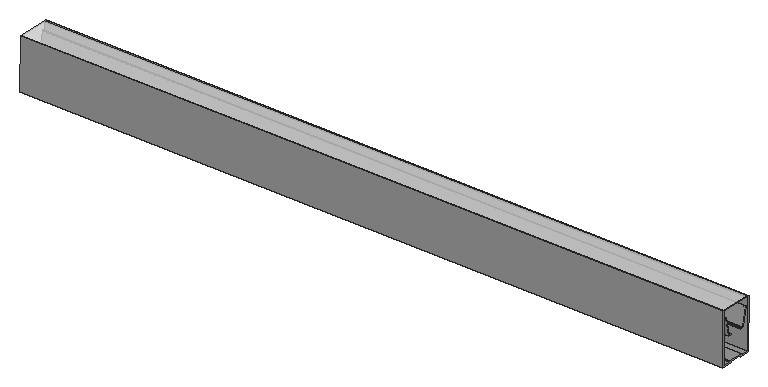
Revit family "2093121 Sylvania Lighting Fixture MC2 1-2M 3K DALI WHT OPAL Surface", category Lighting Fixtures, host Face, Revit 2016
Family settings
  Host = Face
  Part Type = Normal
  Round Connector Dimension = Use Diameter
  OmniClass Number = 23.80.70.11.17
  OmniClass Title = Specialized Lighting by Location or Use
  Cut with Voids When Loaded = No
  Light Source = Yes
  Shared = No
  Room Calculation Point = No
Parameters (values of type "2093121 MC2 1.2M 3K DALI WHT OPAL Surface")
  Width_SYL = 54.0 mm
  Weight = "2.5 kg"
  Wattage = 20.97 W
  WarrantyStartDate [instance] = "n/a"
  WarrantyGuarantorParts = "n/a"
  WarrantyDurationUnit = "n/a"
  WarrantyDurationParts = "n/a"
  WarrantyDescription = "n/a"
  built-in parameter 1150110 = 1 (stored number, unit not read)
  Voltage = 0 V
  URL = "http://www.sylvania-lighting.com"
  TypeName = "MC2 1.2M 3K DALI WHT OPAL Surface"
  built-in parameter 1114217 = 1 (stored number, unit not read)
  Tilt Angle = -90.00°
  built-in parameter 1150109 = 1 (stored number, unit not read)
  built-in parameter 1150134 = (empty or 0)
  built-in parameter 1150113 = 1 (stored number, unit not read)
  SerialNumber [instance] = "n/a"
  PowerFactor = 0.98
  PowerConsumption = "20.97 W"
  NominalWidth = 0.0 mm
  NominalLength = 1200.0 mm
  NominalHeight = 86.0 mm
  Name = "MC2 1.2M 3K DALI WHT OPAL Surface"
  ModelReference = "MC2 1.2M 3K DALI WHT OPAL Surface"
  ModelNumber = "2093121"
  Material_3_SYL = Metal_Sylvania_Mini Contiuum II_Silver
  Photometric Web File = "2093121.ies"
  Material_4_SYL = Metal_Sylvania_Mini Contiuum II_Silver
  Material = "aluminium housing, polycarbonate diffuser"
  ManufacturerName = "Feilo Sylvania"
  LuminousEfficacy = "105 lm/W"
  LuminaireType = ""
  LightOutputRatio = "100"
  Length_SYL = 1200.0 mm
  LampsType = Lamp  # "LED"
  LampNominalLuminous = "2207 lm"
  LampMacAdamStep = "3"
  LampColourTemperature = "3000 K"
  LampColourRenderingIndex = "80"
  Keynote = "16500"
  InstallationDate [instance] = "n/a"
  InputVoltage = "n/a"
  InputNominalFrequency = "n/a"
  IngressProtection = "IP20"
  ImpactProtectionIndex = "n/a"
  IfcExportType = "IfcLightFixtureType"
  IfcExportAs = "IfcLightFixtureType"
  Height_SYL = 86.0 mm
  ExpectedLife = 50000
  EndCapRight_SYL [instance] = no
  EndCapLeft_SYL [instance] = no
  Emit from Rectangle Width = Width_SYL - 2.0 mm  # 52.0 mm
  Emit from Rectangle Length = Length_SYL  # 1200.0 mm
  Emit Shape Visible in Rendering = no
  ElectricShockClassification = "Class I"
  DurationUnit = "hours"
  DocumentationLiterature = "http://www.sylvania-lighting.com/product/en-int/products/2093121"
  DimmingControlOptions = "n/a"
  CreatedOn = "10/15/2018"
  CreatedBy = "@sylvania-lighting.com"
  built-in parameter 1114216 [instance] = 1 (stored number, unit not read)
  Model = "MC2 1.2M 3K DALI WHT OPAL Surface"
  Manufacturer = "Feilo Sylvania"
  built-in parameter 1150105 = 175.22 (stored number, unit not read)
  Lumens = 2201.85 lm
  built-in parameter 1150115 = 1 (stored number, unit not read)
  built-in parameter 1150137 = (empty or 0)
  built-in parameter 1150139 = (empty or 0)
  built-in parameter 1150112 = 1 (stored number, unit not read)
  built-in parameter 1150114 = 1 (stored number, unit not read)
  Lamp = "LED"
  built-in parameter 1150132 = 2
  built-in parameter 1150102 = (empty or 0)
  built-in parameter 1150107 = 3000 (stored number, unit not read)
  built-in parameter 1150138 = (empty or 0)
  built-in parameter 1150106 = 1.7522 (stored number, unit not read)
  Material_1_SYL = Metal_Sylvania_Mini Continuum II_White
  built-in parameter 1150104 = 9.7548 (stored number, unit not read)
  Dimming Lamp Color Temperature Shift = <None>
  Material_2_SYL = Polycarbonate_Sylvania_Mini Continuum II_Opal_4000K
  Description = "2093121   MC2 1.2M 3K DALI WHT OPAL  Continuous lines of LED light, white RAL 9016, direct distribution, trimless detail for a seamless finish, suitable for recessed, semi-recessed, surface-mounted or suspended installation either horizontally or vertically, various accessories available, compact and minimalist design based on the Golden Mean, ideal for offices, meeting rooms, corridors, education facilities, museums and libraries, extruded aluminium body, diffuser: opal, colour temperature: 3000K warm white, total system power: 21W, total fixture output: 2207lm, luminaire efficacy: 105lm/W, LOR: 100%, colour rendering: Ra >80, LED Chromacity: 1 step MacAdam ellipse, lifetime: 60,000 hours at 90% of the original output (L90), energy class: A++, A+, A, IR/UV free light source without heat radiation, operating voltage: 220-240V / 50-60Hz, drive current: 800mA, electronic driver, DALI dimmable, electrical protection: CLASS I, IP20, suitable for internal environment only."
  Default Elevation = 0.0 mm
  Color Filter = 16777215
  built-in parameter 1140040 [instance] = 1
  BarCode [instance] = "n/a"
  built-in parameter 1114218 = 1 (stored number, unit not read)
  built-in parameter 1150133 = 10 (stored number, unit not read)
  AssetType = "Fixed"
  AssetIdentifier [instance] = "n/a"
  Assembly Code = "D5020200"
  Apparent Load = 20.97 VA
Reference planes
  plane 1 "Center (Front/Back)": y = 0
  plane 2 "Bottom Fixtures": z = 0
  plane 3 "Center (Left/Right)": x = 0
  plane 4 "Fixture Left": x = -600
  plane 5 "Fixture Right": x = 600
  plane 6 "Fixture Bottom": z = 86
  plane 7: z = 84
  plane 8: z = 82
  plane 9: z = 72.951
  plane 10: z = 42.951
  plane 11 "Fixture Top": z = 0
  plane 12 "Mounting Right": x = 572
  plane 13 "Mounting Left": x = -572
  plane 14: y = 27
  plane 15: y = -27
  plane 16: y = -26
  plane 17: y = -25
  plane 18: y = 26
  plane 19: y = 25
  plane 20: y = 11
  plane 21: y = -11
  plane 22: y = 24
  plane 23: y = 22
  plane 24: y = -22
  plane 25: y = 15
  plane 26: y = -15
  plane 27 "Upper Diffuser Left": x = -450
  plane 28 "Upper Diffuser Right": x = 450
  plane 29: x = -602
  plane 30: x = 602
Forms (mm)
  Extrusion 1, solid, material "Metal_Sylvania_Mini Continuum II_White" <- "Material_1_SYL", detail levels fine
    sketch origin (0, 0, 520) x (0, 1, 0) y (0, 0, 1)
      loop
        line (27, -434) -> (26, -434) -> (26, -436) -> (25, -436) -> (25, -518) -> (13, -518) -> (13, -516) -> (-13, -516) -> (-13, -518) -> (-25, -518) -> (-25, -436) -> (-26, -436) -> (-26, -434) -> (-27, -434) -> (-27, -520) -> (-11, -520) -> (-11, -518) -> (11, -518) -> (11, -520) -> (27, -520) -> (27, -434)
    from -600 to 600
  Extrusion 2, solid, material "Polycarbonate_Sylvania_Mini Continuum II_Opal_4000K" <- "Material_2_SYL", detail levels fine
    sketch origin (0, 0, 520) x (0, 1, 0) y (0, 0, 1)
      loop
        line (-26, -434) -> (-26, -436) -> (26, -436) -> (26, -434) -> (-26, -434)
    from -600 to 600
  Extrusion 3, solid, material "Metal_Sylvania_Mini Contiuum II_Silver" <- "Material_3_SYL", detail levels fine
    sketch origin (0, 0, 520) x (0, 1, 0) y (0, 0, 1)
      loop
        line (22, -447.049) -> (20.973, -447.049) -> (14.206, -476.049) -> (11, -476.049) -> (11, -477.049) -> (15, -477.049) -> (22, -447.049)
      loop
        line (-15, -477.049) -> (-11, -477.049) -> (-11, -476.049) -> (-14.206, -476.049) -> (-20.973, -447.049) -> (-22, -447.049) -> (-15, -477.049)
    from -600 to 600
  Extrusion 4, solid, material "Metal_Sylvania_Mini Continuum II_White" <- "Material_1_SYL", detail levels coarse+medium
    sketch origin (0, 0, 520) x (0, 1, 0) y (0, 0, 1)
      loop
        line (-27, -434) -> (-27, -520) -> (27, -520) -> (27, -434) -> (-27, -434)
    from -600 to 600
  Extrusion 5, solid, material "Metal_Sylvania_Mini Continuum II_White" <- "Material_1_SYL", visible <- "EndCapLeft_SYL"
    sketch origin (-600, 171.684, 1219.2) x (0, 1, 0) y (0, 0, 1)
      loop
        line (-198.684, -1219.2) -> (-144.684, -1219.2) -> (-144.684, -1133.2) -> (-198.684, -1133.2) -> (-198.684, -1219.2)
    from 0 to -2
  Extrusion 6, solid, material "Metal_Sylvania_Mini Continuum II_White" <- "Material_1_SYL", visible <- "EndCapRight_SYL"
    sketch origin (600, 171.684, 1219.2) x (0, 1, 0) y (0, 0, -1)
      loop
        line (-144.684, 1133.2) -> (-144.684, 1219.2) -> (-198.684, 1219.2) -> (-198.684, 1133.2) -> (-144.684, 1133.2)
    from 0 to -2
Lines and regions (mm)
  Masking region 1
    outline origin (0, 0, -86) x (-1, 0, 0) y (0, -1, 0)
      loop
        line (600, -27) -> (600, 27) -> (-600, 27) -> (-600, -27) -> (600, -27)
  symbolic lines, detail levels fine
    curve 1: line (-600, 26, -86) -> (600, 26, -86)
    curve 2: line (-600, -26, -86) -> (600, -26, -86)
Dimensions and locks
  host sketch curve to plane 3 "Center (Left/Right)" to host sketch curve = 820.0 mm, 775.047 mm
  equal spacing: plane 4 "Fixture Left", plane 3 "Center (Left/Right)", plane 5 "Fixture Right"
  "Length_SYL": plane 4 "Fixture Left" to plane 5 "Fixture Right"
  plane 6 "Fixture Bottom" to plane 7 to plane 8 to plane 9 to plane 10 = 2.0 mm locked, 2.0 mm locked, 9.049 mm locked, 30.0 mm locked
  locked: Extrusion 1 sketch curve to Extrusion 1 sketch curve at 2
  locked: Extrusion 1 sketch curve to plane 11 "Fixture Top" at 2
  "Height_SYL": plane 6 "Fixture Bottom" to plane 11 "Fixture Top"
  locked: plane 12 "Mounting Right" to plane 5 "Fixture Right" at 28
  locked: plane 4 "Fixture Left" to plane 13 "Mounting Left" at 28
  plane 6 "Fixture Bottom" to plane 2 "Bottom Fixtures" = 86.0 mm
  equal spacing: plane 14, plane 1 "Center (Front/Back)", plane 15
  "Width_SYL": plane 14 to plane 15
  plane 21 to plane 26 to plane 24 to plane 17 to plane 16 to plane 15 = 4.0 mm locked, 7.0 mm locked, 3.0 mm locked, 1.0 mm locked, 1.0 mm locked
  plane 14 to plane 18 to plane 19 to plane 22 to plane 23 to plane 25 to plane 20 = 1.0 mm locked, 1.0 mm locked, 1.0 mm locked, 2.0 mm locked, 7.0 mm locked, 4.0 mm locked
  locked: plane 4 "Fixture Left" to plane 27 "Upper Diffuser Left" at 150
  locked: plane 28 "Upper Diffuser Right" to plane 5 "Fixture Right" at 150
  equal spacing: plane 29, plane 3 "Center (Left/Right)", plane 30
  locked: plane 29 to plane 4 "Fixture Left" at 2
  aligned and locked: plane 2 "Bottom Fixtures" to host face
  aligned and locked: level to host face
  aligned and locked: plane 5 "Fixture Right" to curve 1
  aligned and locked: plane 4 "Fixture Left" to curve 1
  aligned and locked: plane 4 "Fixture Left" to curve 2
  aligned and locked: plane 5 "Fixture Right" to curve 2
  aligned and locked: Extrusion 1 sketch curve to plane 7
  aligned and locked: plane 6 "Fixture Bottom" to Extrusion 1 sketch curve  (x2)
  aligned and locked: plane 7 to Extrusion 1 sketch curve
  aligned and locked: Extrusion 1 to Extrusion 2 sketch curve
  aligned and locked: Extrusion 2 sketch curve to Extrusion 1  (x3)
  aligned and locked: Extrusion 3 sketch curve to plane 10
  aligned and locked: plane 9 to Extrusion 3 sketch curve
  aligned and locked: Extrusion 3 sketch curve to plane 9
  aligned and locked: Extrusion 4 sketch curve to plane 6 "Fixture Bottom"
  aligned and locked: Extrusion 4 to plane 4 "Fixture Left"
  aligned and locked: Extrusion 2 to plane 4 "Fixture Left"
  aligned and locked: Extrusion 3 to plane 4 "Fixture Left"
  aligned and locked: Extrusion 1 to plane 4 "Fixture Left"
  aligned and locked: Extrusion 4 to plane 5 "Fixture Right"
  aligned and locked: Extrusion 2 to plane 5 "Fixture Right"
  aligned and locked: Extrusion 3 to plane 5 "Fixture Right"
  aligned and locked: Extrusion 1 to plane 5 "Fixture Right"
  aligned and locked: plane 11 "Fixture Top" to Extrusion 4 sketch curve
  aligned and locked: Extrusion 1 sketch curve to plane 11 "Fixture Top"  (x2)
  aligned and locked: Extrusion 1 sketch curve to Extrusion 1 sketch curve
  aligned and locked: plane 6 "Fixture Bottom" to imposter light
  aligned and locked: plane 20 to Extrusion 3 sketch curve
  aligned and locked: Extrusion 3 sketch curve to plane 21
  aligned and locked: Extrusion 5 sketch curve to Extrusion 4  (x4)
  aligned and locked: Extrusion 5 to plane 29
  aligned and locked: plane 4 "Fixture Left" to Extrusion 5
  aligned and locked: Extrusion 6 sketch curve to Extrusion 4  (x4)
  aligned and locked: plane 30 to Extrusion 6
  aligned and locked: plane 5 "Fixture Right" to Extrusion 6
Automatic sketch dimensions
  host sketch curve to host sketch curve = 1047.463 mm
  plane 18 to curve 1 = 0.0 mm
  curve 2 to plane 16 = 0.0 mm
  Masking region 1 sketch curve to plane 5 "Fixture Right" = 0.0 mm
  Masking region 1 sketch curve to plane 4 "Fixture Left" = 0.0 mm
  plane 14 to Masking region 1 sketch curve = 0.0 mm
  Masking region 1 sketch curve to plane 15 = 0.0 mm
  Extrusion 1 sketch curve to plane 15 = 0.0 mm
  Extrusion 1 sketch curve to plane 16 = 0.0 mm
  Extrusion 1 sketch curve to plane 17 = 0.0 mm
  Extrusion 1 sketch curve to plane 21 = 0.0 mm
  Extrusion 1 sketch curve to plane 20 = 0.0 mm
  Extrusion 1 sketch curve to plane 19 = 0.0 mm
  Extrusion 1 sketch curve to plane 18 = 0.0 mm
  Extrusion 1 sketch curve to plane 14 = 0.0 mm
  plane 11 "Fixture Top" to Extrusion 1 sketch curve = 2.0 mm
  Extrusion 1 sketch curve to plane 21 = 2.0 mm
  Extrusion 1 sketch curve to plane 20 = 2.0 mm
  Extrusion 3 sketch curve to plane 24 = 0.0 mm
  Extrusion 3 sketch curve to plane 26 = 0.0 mm
  Extrusion 3 sketch curve to plane 25 = 0.0 mm
  Extrusion 3 sketch curve to plane 23 = 0.0 mm
  plane 10 to Extrusion 3 sketch curve = 1.0 mm
  Extrusion 3 sketch curve to Extrusion 3 sketch curve = 1.027 mm
  plane 26 to Extrusion 3 sketch curve = 0.794 mm
  plane 25 to Extrusion 3 sketch curve = 0.794 mm
  plane 23 to Extrusion 3 sketch curve = 1.027 mm
  Extrusion 4 sketch curve to plane 15 = 0.0 mm
  Extrusion 4 sketch curve to plane 14 = 0.0 mm
  Extrusion 3 sketch curve to Extrusion 3 sketch curve = 0.0 mm
  Extrusion 3 sketch curve to plane 10 = 0.0 mm
Connectors
  electrical at (600, 0, 35), driven by "Apparent Load"
    settings: on Extrusion 1, index 1, voltage 230 V, apparent load 0 VA, apparent load phase1 20.97 VA, apparent load phase2 0 VA, apparent load phase3 0 VA, power factor 1, load classification "Lighting", number of poles 1, system type 31, power factor state 1, is connector primary yes, connector utility no, sub classification motor no, connector description ""
